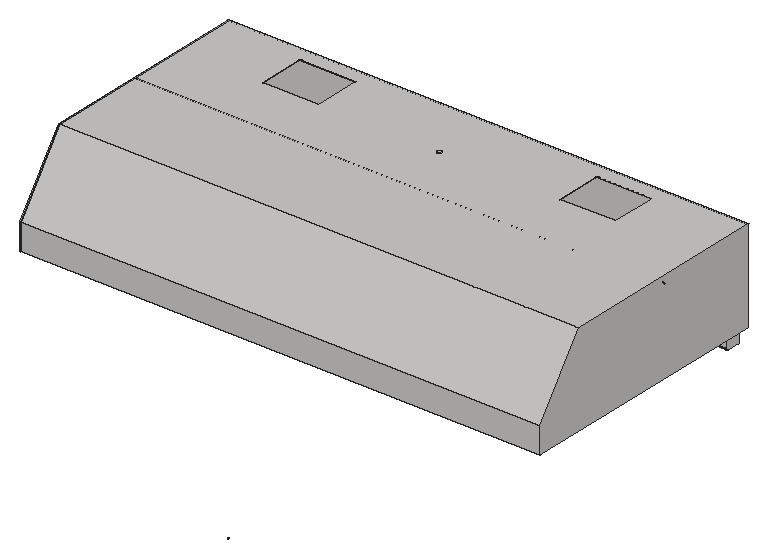
Revit family "QF_ELECTROLUXPROFESSIONAL_644245_ABPV1428DT", category Attrezzature speciali, Revit 2021
Family settings
  Quota connettore circolare = Usa diametro
  Tipo di parte = Normale
  Basato su piano di lavoro = No
  Sempre verticale = Sì
  Taglio con vuoti quando caricato = No
  Condiviso = No
  Punto di calcolo locali = No
Parameters (values of type "Standard")
  Weight = 108.00 kg
  Watts = 840 W
  Volts = 220 V
  URL Manufacturer = "https://www.electroluxprofessional.com/"
  URL = "https://www.electroluxprofessional.com/"
  Steam Supply Size = 0 mm
  Steam Supply Minimum Pressure = 0.0 Pa
  Steam Supply Maximum Pressure = 0.0 Pa
  Steam Consumption per Hour = 0
  Refrigeration Suction Line Size = 0 mm
  Refrigeration Liquid Line Size = 0 mm
  Refrigerant Compressor Remote = yes
  Prospetto di default = 0 mm
  Produttore = "Electrolux Professional"
  Phase = 1
  Modello = "ABPV1428DT"
  Length Actual = 2800 mm  # constant formula
  Item Number = "644245"
  Hot Water Size = 0 mm
  Height Actual = 500 mm  # constant formula
  HP = "1.1 HP"
  Gas Size = 0 mm
  Gas KW = 0
  Gas Input Pressure = 0 W
  Direct Waste Size = 0 mm
  Descrizione = "304 S/S WALL HOOD+FILTER+FAN 2800X1400MM"
  Depth Actual = 1400 mm  # constant formula
  Cycle = 50 Hz
  Condensate Return Size = 0 mm
  Compressed Air Volume = 0.0 L/s
  Compressed Air Size = 0 mm
  Compressed Air Pressure = 0.0 Pa
  Cold Water Size = 0 mm
  Accessory = yes
Reference planes
  plane 1: z = 0
  plane 2 "Center (Left/Right)": x = 150
  plane 3 "LEFT": x = -1250
  plane 4 "RIGHT": x = 1550
  plane 5 "BACK": y = 550
  plane 6 "TOP": z = 2500
  plane 7 "Base": z = 2000
  plane 8: z = 1926
  plane 9 "DrainY": y = 485
  plane 10: x = -1247
  plane 11: through (0, 414.509, 2000.8) normal (0, 0.7314, 0.682)
  plane 12: y = 470
  plane 13: y = 220
  plane 14 "DrainX": x = 1430
  plane 15: x = -500
  plane 16: x = 800
  plane 17: x = -800
  plane 18: x = 1100
  plane 19: x = 1547
  plane 20: x = 1340
  plane 21: x = 1520
  plane 22: x = -1210
  plane 23: x = -845
  plane 24: x = -450
  plane 25: x = 1510
  plane 26: x = 1145
  plane 27: x = 750
  plane 28: z = 2140
  plane 29: y = -590
  plane 30 "Center (Front/Back)": y = -150
  plane 31 "Front": y = -850
Forms (mm)
  Extrusion 1, solid, material "QF_Finishes_Stainless Steel"
    sketch origin (-1250, 0, 360) x (0, 1, 0) y (0, 0, 1)
      loop
        line (550, 1640) -> (550, 2140) -> (-590, 2140) -> (-850, 1780) -> (-850, 1640) -> (550, 1640)
    from 0 to 3
  Extrusion 2, solid, material "QF_Finishes_Stainless Steel"
    sketch origin (150, 0, 360) x (0, 1, 0) y (0, 0, 1)
      loop
        line (415.255, 1640) -> (550, 1640) -> (550, 2139.19) -> (549.2, 2139.19) -> (549.2, 1640.8) -> (415.876, 1640.8) -> (339.347, 1722.867) -> (349.609, 1732.436) -> (348.927, 1733.167) -> (337.934, 1722.917) -> (415.255, 1640)
      loop
        line (-82.203, 2139.19) -> (-82.203, 2118.6) -> (-31.047, 2118.6) -> (34.354, 2048.466) -> (46.028, 2059.352) -> (45.346, 2060.083) -> (34.403, 2049.879) -> (-30.612, 2119.6) -> (-81.203, 2119.6) -> (-81.203, 2139.19) -> (-82.203, 2139.19)
    from -1397 to 1397
  Extrusion 3, solid, material "QF_Finishes_Stainless Steel"
    sketch origin (1550, 0, 360) x (0, 1, 0) y (0, 0, 1)
      loop
        line (550, 1640) -> (550, 2140) -> (-590, 2140) -> (-850, 1780) -> (-850, 1640) -> (550, 1640)
    from 0 to -3
  Extrusion 4, solid, material "QF_Finishes_Stainless Steel"
    sketch origin (150, 0, 360) x (0, 1, 0) y (0, 0, 1)
      loop
        line (550, 2139.19) -> (550, 2140) -> (-590, 2140) -> (-850, 1780) -> (-850, 1640) -> (-849.2, 1640) -> (-849.2, 1779.741) -> (-589.598, 2139.19) -> (550, 2139.19)
    from -1400 to 1400
  Extrusion 5, solid, material "QF_Finishes_Stainless Steel"
    sketch origin (150, 0, 360) x (0, 1, 0) y (0, 0, 1)
      loop
        line (534, 1640) -> (436, 1640) -> (436, 1627) -> (443.5, 1627) -> (443.5, 1576)
        arc (443.5, 1576) -> (446.429, 1568.929) -> (453.5, 1566) r 10
        line (453.5, 1566) -> (516.5, 1566)
        arc (516.5, 1566) -> (523.571, 1568.929) -> (526.5, 1576) r 10
        line (526.5, 1576) -> (526.5, 1627) -> (534, 1627) -> (534, 1640)
    from 1190 to 1370
  Extrusion 6, solid, material "QF_Finishes_Stainless Steel"
    sketch origin (0, 0, 2000) x (0, 1, 0) y (-1, 0, 0)
      loop
        circle (485, -1430) r 20
    from -76 to -74
  Extrusion 7, solid, material "QF_Finished_Chrome"
    sketch origin (150, 0, 360) x (0, 1, 0) y (0, 0, 1)
      loop
        line (337.934, 1722.917) -> (341.591, 1726.327) -> (38.011, 2051.876) -> (34.354, 2048.466) -> (337.934, 1722.917)
    from -995 to -1360
  Extrusion 8, solid, material "QF_Finished_Chrome"
    sketch origin (150, 0, 360) x (0, 1, 0) y (0, 0, 1)
      loop
        line (337.934, 1722.917) -> (341.591, 1726.327) -> (38.011, 2051.876) -> (34.354, 2048.466) -> (337.934, 1722.917)
    from 600 to -600
  Extrusion 9, solid, material "QF_Finishes_Stainless Steel"
    sketch origin (150, 0, 360) x (0, 1, 0) y (0, 0, 1)
      loop
        line (337.934, 1722.917) -> (341.591, 1726.327) -> (38.011, 2051.876) -> (34.354, 2048.466) -> (337.934, 1722.917)
    from 1397 to 1360
  Extrusion 10, solid, material "QF_Finishes_Stainless Steel"
    sketch origin (150, 0, 360) x (0, 1, 0) y (0, 0, 1)
      loop
        line (341.588, 1726.324) -> (38.009, 2051.874) -> (34.354, 2048.466) -> (337.934, 1722.917) -> (341.588, 1726.324)
    from -995 to -600
  Extrusion 11, solid, material "QF_Finished_Chrome"
    sketch origin (150, 0, 360) x (0, 1, 0) y (0, 0, 1)
      loop
        line (341.588, 1726.324) -> (38.009, 2051.874) -> (34.354, 2048.466) -> (337.934, 1722.917) -> (341.588, 1726.324)
    from 995 to 1360
  Extrusion 12, void
    sketch origin (0, 0, 2500) x (0, 1, 0) y (-1, 0, 0)
      loop
        line (470, 800) -> (220, 800) -> (220, 500) -> (470, 500) -> (470, 800)
    from 0 to -10
  Extrusion 13, void
    sketch origin (940, 0, 2500) x (0, 1, 0) y (-1, 0, 0)
      loop
        line (470, 140) -> (220, 140) -> (220, -160) -> (470, -160) -> (470, 140)
    from 0 to -10
  Extrusion 14, solid, material "QF_Finishes_Stainless Steel"
    sketch origin (0, 0, 0) x (1, 0, 0) y (0, 1, 0)
      loop
        line (-1250, 550) -> (-1250, 549) -> (-1249, 549) -> (-1249, 550) -> (-1250, 550)
    from 0 to 1
  Extrusion 15, solid, material "QF_Finishes_Stainless Steel"
    sketch origin (150, 0, 360) x (0, 1, 0) y (0, 0, 1)
      loop
        line (337.934, 1722.917) -> (341.591, 1726.327) -> (38.011, 2051.876) -> (34.354, 2048.466) -> (337.934, 1722.917)
    from -1360 to -1397
  Extrusion 16, solid, material "QF_Finishes_Stainless Steel"
    sketch origin (150, 0, 360) x (0, 1, 0) y (0, 0, -1)
      loop
        line (341.588, -1726.324) -> (337.934, -1722.917) -> (34.354, -2048.466) -> (38.009, -2051.874) -> (341.588, -1726.324)
    from -995 to -600
  Extrusion 17, solid, material "QF_Finishes_Stainless Steel"
    sketch origin (0, 0, 2500) x (0, 1, 0) y (-1, 0, 0)
      loop
        circle (220, -150) r 10
    from 0 to 1.6
Cuts and joins
  Extrusion 12, Extrusion 13 cuts Extrusion 4
  joined: Extrusion 2, Extrusion 4
Lines and regions (mm)
  reference lines
    curve 1: line (150, 34.354, 2408.466) -> (150, 34.354, 2248.466)
  symbolic lines, style "SpecialityEquipment", detail levels coarse
    curve 2: line (1550, 550, 2500) -> (-1250, 550, 2500)
    curve 3: line (-1250, 550, 2500) -> (-1250, -850, 2500)
    curve 4: line (1550, -850, 2500) -> (1550, 550, 2500)
    curve 5: line (-1250, -850, 2500) -> (1550, -850, 2500)
    curve 6: line (-800, 220, 2500) -> (-500, 220, 2500)
    curve 7: line (-800, 470, 2500) -> (-800, 220, 2500)
    curve 8: line (-500, 470, 2500) -> (-800, 470, 2500)
    curve 9: line (-500, 220, 2500) -> (-500, 470, 2500)
    curve 10: line (800, 470, 2500) -> (800, 220, 2500)
    curve 11: line (800, 220, 2500) -> (1100, 220, 2500)
    curve 12: line (1100, 470, 2500) -> (800, 470, 2500)
    curve 13: line (1100, 220, 2500) -> (1100, 470, 2500)
    curve 14: line (-1250, -590, 0) -> (1550, -590, 0)
    curve 15: line (-1250, 550, 0) -> (1550, -590, 0)
    curve 16: line (1550, 550, 0) -> (-1250, -590, 0)
Dimensions and locks
  plane 3 "LEFT" to plane 4 "RIGHT" = 2800 mm
  equal spacing: plane 3 "LEFT", plane 2 "Center (Left/Right)", plane 4 "RIGHT"
  locked: plane 6 "TOP" to plane 7 "Base" at 500
  plane 7 "Base" to plane 8 = 74 mm
  plane 5 "BACK" to plane 9 "DrainY" = 65 mm  (x2)
  plane 3 "LEFT" to plane 10 = 3 mm
  plane 5 "BACK" to plane 12 = 80 mm
  plane 12 to plane 13 = 250 mm  (x2)
  plane 14 "DrainX" to plane 4 "RIGHT" = 120 mm
  locked: plane 15 to plane 16 at 1300
  equal spacing: plane 15, plane 2 "Center (Left/Right)", plane 16
  plane 17 to plane 15 = 300 mm
  plane 16 to plane 18 = 300 mm
  plane 19 to plane 4 "RIGHT" = 3 mm
  locked: plane 20 to plane 14 "DrainX" at 90
  locked: plane 14 "DrainX" to plane 21 at 90
  plane 12 to plane 5 "BACK" = 80 mm
  locked: plane 3 "LEFT" to plane 22 at 40
  locked: plane 22 to plane 23 at 365
  locked: plane 23 to plane 24 at 395
  locked: plane 25 to plane 26 at 365
  locked: plane 26 to plane 27 at 395
  locked: plane 25 to plane 4 "RIGHT" at 40
  plane 24 to plane 27 = 1200 mm
  plane 28 to plane 7 "Base" = 140 mm
  locked: plane 7 "Base" to level at 2000
  plane 5 "BACK" to plane 31 "Front" = 1400 mm  (x2)
  equal spacing: plane 5 "BACK", plane 30 "Center (Front/Back)", plane 31 "Front"
  aligned and locked: level to plane 1
  aligned and locked: Extrusion 2 to Extrusion 1
  aligned and locked: Extrusion 2 to Extrusion 3
  aligned and locked: plane 4 "RIGHT" to Extrusion 4
  aligned and locked: Extrusion 4 to plane 3 "LEFT"
  aligned and locked: plane 19 to Extrusion 9
  aligned and locked: plane 17 to Extrusion 12
  aligned and locked: Extrusion 12 to plane 15
  aligned and locked: Extrusion 12 to plane 13
  aligned and locked: Extrusion 12 to plane 12
  aligned and locked: Extrusion 13 to plane 18
  aligned and locked: plane 16 to Extrusion 13
  aligned and locked: plane 21 to Extrusion 5
  aligned and locked: Extrusion 5 to plane 20
  aligned and locked: Extrusion 9 to plane 25
  aligned and locked: Extrusion 11 to plane 25
  aligned and locked: Extrusion 11 to plane 26
  aligned and locked: Extrusion 8 to plane 27
  aligned and locked: Extrusion 8 to plane 24
  aligned and locked: plane 24 to Extrusion 10
  aligned and locked: Extrusion 10 to plane 23
  aligned and locked: plane 23 to Extrusion 7
  aligned and locked: Extrusion 7 to plane 22
  aligned and locked: Extrusion 15 to plane 10
  aligned and locked: plane 22 to Extrusion 15
  aligned and locked: Extrusion 16 to plane 27
  aligned and locked: Extrusion 16 to plane 26
  aligned and locked: Extrusion 3 to plane 19
Automatic sketch dimensions
  Extrusion 2 sketch curve to plane 11 = 0 mm  (x3)
  Extrusion 2 sketch curve to plane 7 "Base" = 0 mm
  plane 11 to Extrusion 2 sketch curve = 0 mm
  Extrusion 2 sketch curve to plane 5 "BACK" = 0 mm
  Extrusion 2 sketch curve to Extrusion 2 sketch curve = 65.646 mm
  Extrusion 2 sketch curve to Extrusion 2 sketch curve = 0.682 mm  (x2)
  Extrusion 2 sketch curve to Extrusion 2 sketch curve = 10.261 mm
  plane 7 "Base" to Extrusion 2 sketch curve = 82.917 mm
  Extrusion 2 sketch curve to Extrusion 2 sketch curve = 10.942 mm
  Extrusion 2 sketch curve to Extrusion 2 sketch curve = 0.049 mm
  Extrusion 2 sketch curve to plane 6 "TOP" = 20.4 mm
  Extrusion 2 sketch curve to plane 6 "TOP" = 21.4 mm
  Extrusion 2 sketch curve to plane 6 "TOP" = 0.81 mm  (x2)
  Extrusion 2 sketch curve to Extrusion 2 sketch curve = 50.156 mm
  Extrusion 2 sketch curve to Extrusion 2 sketch curve = 1 mm
  plane 7 "Base" to Extrusion 2 sketch curve = 0.8 mm
  Extrusion 2 sketch curve to plane 5 "BACK" = 0.8 mm
  curve 1 to plane 11 = 0 mm
  Extrusion 5 sketch curve to plane 7 "Base" = 0 mm
  Extrusion 5 sketch curve to plane 8 = 0 mm
  Extrusion 5 sketch curve to plane 7 "Base" = 13 mm  (x2)
  plane 12 to Extrusion 5 sketch curve = 34 mm
  Extrusion 5 sketch curve to Extrusion 5 sketch curve = 7.5 mm  (x2)
  Extrusion 5 sketch curve to Extrusion 5 sketch curve = 10 mm
  plane 9 "DrainY" to Extrusion 5 sketch curve = 31.5 mm
  Extrusion 5 sketch curve to plane 5 "BACK" = 23.5 mm
  Extrusion 6 sketch curve to plane 9 "DrainY" = 0 mm
  Extrusion 6 sketch curve to plane 14 "DrainX" = 0 mm
  Extrusion 7 sketch curve to plane 11 = 0 mm  (x2)
  Extrusion 7 sketch curve to Extrusion 7 sketch curve = 3.657 mm
  plane 7 "Base" to Extrusion 7 sketch curve = 82.917 mm
  Extrusion 8 sketch curve to plane 11 = 0 mm  (x2)
  Extrusion 8 sketch curve to Extrusion 8 sketch curve = 3.657 mm
  plane 7 "Base" to Extrusion 8 sketch curve = 82.917 mm
  Extrusion 9 sketch curve to plane 11 = 0 mm  (x2)
  Extrusion 9 sketch curve to Extrusion 9 sketch curve = 3.657 mm
  plane 7 "Base" to Extrusion 9 sketch curve = 82.917 mm
  Extrusion 10 sketch curve to plane 11 = 0 mm  (x2)
  Extrusion 10 sketch curve to Extrusion 10 sketch curve = 3.655 mm
  plane 7 "Base" to Extrusion 10 sketch curve = 82.917 mm
  Extrusion 11 sketch curve to plane 11 = 0 mm  (x2)
  Extrusion 11 sketch curve to Extrusion 11 sketch curve = 3.655 mm
  plane 7 "Base" to Extrusion 11 sketch curve = 82.917 mm
  Extrusion 12 sketch curve to plane 13 = 0 mm
  plane 12 to Extrusion 12 sketch curve = 0 mm
  Extrusion 12 sketch curve to plane 15 = 0 mm
  Extrusion 12 sketch curve to plane 17 = 0 mm
  Extrusion 13 sketch curve to plane 13 = 0 mm
  plane 12 to Extrusion 13 sketch curve = 0 mm
  Extrusion 13 sketch curve to plane 18 = 0 mm
  Extrusion 13 sketch curve to plane 16 = 0 mm
  Extrusion 14 sketch curve to plane 3 "LEFT" = 0 mm
  Extrusion 14 sketch curve to plane 5 "BACK" = 0 mm
  plane 3 "LEFT" to Extrusion 14 sketch curve = 1 mm
  Extrusion 14 sketch curve to plane 5 "BACK" = 1 mm
  Extrusion 15 sketch curve to plane 11 = 0 mm  (x2)
  Extrusion 15 sketch curve to Extrusion 15 sketch curve = 3.657 mm
  plane 7 "Base" to Extrusion 15 sketch curve = 82.917 mm
  Extrusion 16 sketch curve to plane 11 = 0 mm  (x2)
  Extrusion 16 sketch curve to Extrusion 16 sketch curve = 3.655 mm
  plane 7 "Base" to Extrusion 16 sketch curve = 82.917 mm
  curve 1 to curve 1 = 160 mm
  Extrusion 4 sketch curve to plane 6 "TOP" = 0 mm
  Extrusion 4 sketch curve to plane 29 = 0 mm
  Extrusion 4 sketch curve to plane 5 "BACK" = 0 mm
  Extrusion 4 sketch curve to plane 7 "Base" = 0 mm
  Extrusion 4 sketch curve to plane 28 = 0 mm
  Extrusion 4 sketch curve to plane 28 = 0.259 mm
  Extrusion 4 sketch curve to Extrusion 4 sketch curve = 0.81 mm
  Extrusion 4 sketch curve to plane 29 = 0.402 mm
  Extrusion 1 sketch curve to plane 6 "TOP" = 0 mm
  Extrusion 1 sketch curve to plane 29 = 0 mm
  Extrusion 1 sketch curve to plane 5 "BACK" = 0 mm
  Extrusion 1 sketch curve to plane 7 "Base" = 0 mm
  Extrusion 1 sketch curve to plane 28 = 0 mm
  Extrusion 3 sketch curve to plane 6 "TOP" = 0 mm
  Extrusion 3 sketch curve to plane 29 = 0 mm
  Extrusion 3 sketch curve to plane 5 "BACK" = 0 mm
  Extrusion 3 sketch curve to plane 7 "Base" = 0 mm
  Extrusion 3 sketch curve to plane 28 = 0 mm
  curve 16 to plane 3 "LEFT" = 0 mm
  curve 15 to plane 3 "LEFT" = 0 mm
  curve 16 to plane 4 "RIGHT" = 0 mm
  curve 14 to plane 4 "RIGHT" = 0 mm
  plane 29 to curve 14 = 0 mm
  curve 16 to plane 5 "BACK" = 0 mm
  curve 15 to plane 5 "BACK" = 0 mm
  Extrusion 17 sketch curve to plane 2 "Center (Left/Right)" = 0 mm
  Extrusion 17 sketch curve to plane 13 = 0 mm
  plane 29 to Extrusion 1 sketch curve = 260 mm
  plane 29 to Extrusion 3 sketch curve = 260 mm
  plane 29 to Extrusion 4 sketch curve = 259.2 mm
  Extrusion 4 sketch curve to Extrusion 4 sketch curve = 0.8 mm
  Extrusion 2 sketch curve to plane 6 "TOP" = 91.534 mm
  plane 28 to curve 1 = 108.466 mm
  Extrusion 7 sketch curve to plane 6 "TOP" = 88.124 mm
  Extrusion 8 sketch curve to plane 6 "TOP" = 88.124 mm
  Extrusion 9 sketch curve to plane 6 "TOP" = 88.124 mm
  Extrusion 10 sketch curve to plane 6 "TOP" = 88.126 mm
  Extrusion 11 sketch curve to plane 6 "TOP" = 88.126 mm
  Extrusion 15 sketch curve to plane 6 "TOP" = 88.124 mm
  Extrusion 16 sketch curve to plane 6 "TOP" = 88.126 mm
  curve 3 to plane 3 "LEFT" = 0 mm
  curve 3 to plane 31 "Front" = 0 mm
  curve 4 to plane 4 "RIGHT" = 0 mm
  curve 9 to plane 13 = 0 mm
  curve 10 to plane 13 = 0 mm
  plane 12 to curve 8 = 0 mm
  plane 12 to curve 12 = 0 mm
  curve 3 to plane 5 "BACK" = 0 mm
  curve 11 to plane 18 = 0 mm
  curve 10 to plane 16 = 0 mm
  curve 6 to plane 15 = 0 mm
  curve 6 to plane 17 = 0 mm
  radius of Extrusion 6 sketch curve = 20 mm
  radius of Extrusion 17 sketch curve = 10 mm
Connectors
  piping at (1430, 485, 1924), diameter 20
    settings: on Extrusion 6, index 1, connector inside diameter 609.6 mm, connector length 0 mm, flow factor 0, pipe flow 0.0 L/s, pressure drop 0.0 Pa, fitting loss kfactor 0, connector angle 0.00°, fixture units 0, engagement length 0 mm, angle of deflection 0.00°, flow configuration 1, flow direction 2, fitting loss method 0, system type 16, joint type 0, gender type 0, connector reference index -1, connector utility 0, adjustable connector no, is connector primary yes, connector description "Drain"
  hvac at (-650, 345, 2500)
    settings: on Extrusion 12, index 2, duct flow 0.0 L/s, flow factor 0, pres drop 0.0 Pa, loss coef 0, conn angle 0.00°, conn width 250 mm, conn height 300 mm, conn diameter 609.6 mm, duct sys type 3, conn prof type 1, flow config 1, flow direction 2, loss method 0, conn ref index -1, conn util no, is conn primary yes, conn desc "EXHAUST OUTLET"
  hvac at (950, 345, 2500)
    settings: on Extrusion 13, index 3, duct flow 0.0 L/s, flow factor 0, pres drop 0.0 Pa, loss coef 0, conn angle 0.00°, conn width 250 mm, conn height 300 mm, conn diameter 609.6 mm, duct sys type 3, conn prof type 1, flow config 1, flow direction 2, loss method 0, conn ref index -1, conn util no, is conn primary no, conn desc "EXHAUST OUTLET"
  electrical at (150, 220, 2501.6), driven by "Volts"
    settings: on Extrusion 17, index 4, voltage 220 V, apparent load 0 VA, apparent load phase1 0 VA, apparent load phase2 0 VA, apparent load phase3 0 VA, power factor 1, load classification "Other", number of poles 1, system type 30, power factor state 1, is connector primary yes, connector utility no, sub classification motor no, connector description "Electrical Connection"
